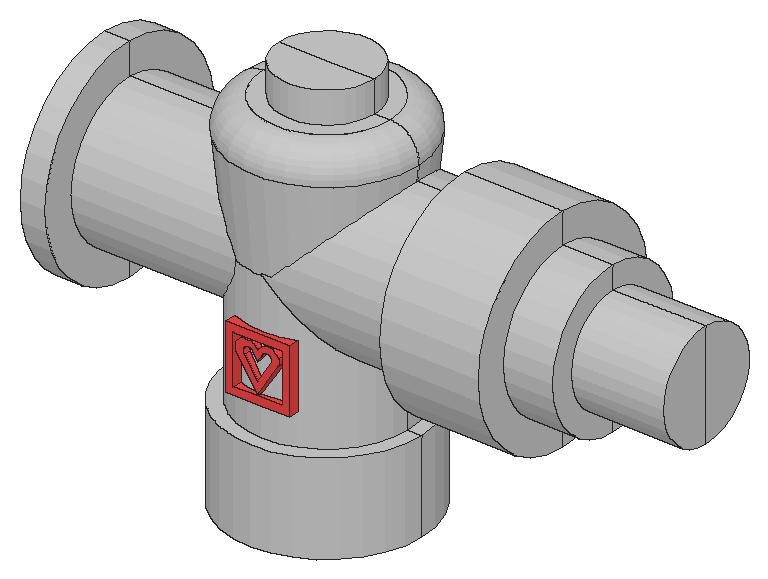
Revit family "HERZ-TS-98-VH-Thermostatventil Eck Spezial 7628", category Rohrzubehör, Revit 2018
Family settings
  Bemaßung runder Anschluss = Durchmesser verwenden
  Teiletyp = Unterbricht
  OmniClass-Nummer = 23.65.55.14
  OmniClass-Titel = Valves for Liquid Services
  Arbeitsebenenbasiert = Nein
  Immer vertikal = Ja
  Beim Laden mit Abzugskörper schneiden = Nein
  Gemeinsam genutzt = Nein
Parameters
  URL = "www.herz-armaturen.at"
  Schraubkappe = "Kunststoff, hellgrau"  # constant formula
  SCRNSEQ = "ARM;ARM_TYP=\"ALLF\";2"
  SCRNCODE = "05;00;02"  # constant formula
  S02 = L06 + L07 - L03  # 26.800 mm
  S01 = 10.000 mm  # constant formula
  R06 = 4.000 mm  # constant formula
  R05 = 13.500 mm  # constant formula
  R04 = 11.500 mm  # constant formula
  R03 = 9.000 mm  # constant formula
  R02 = 6.750 mm  # constant formula
  R01 = 7.000 mm  # constant formula
  Nennweite = 15.000 mm  # constant formula
  Medium = "Heizwasserqualität entsprechend ÖNORM H 5195 bzw. VDI-Richtlinie 2035"
  Max.Betriebstemperatur = 120 °C  # constant formula
  Max.Betriebsdruck = 1000000.0 Pa  # constant formula
  LO1 = 16.000 mm  # constant formula
  L11 = L01 - L05  # 28.000 mm
  L10 = 7.500 mm  # constant formula
  L09 = 19.500 mm  # constant formula
  L08 = 13.200 mm  # constant formula
  L07 = 20.300 mm  # constant formula
  L06 = 14.000 mm  # constant formula
  L05 = 3.500 mm  # constant formula
  L04 = 28.000 mm  # constant formula
  L03 = 7.500 mm  # constant formula
  L02 = 27.000 mm  # constant formula
  L01 = 31.500 mm  # constant formula
  Hersteller = "HERZ Armaturen Ges.m.b.H."  # constant formula
  H04 = 12.900 mm  # constant formula
  H03 = 4.400 mm  # constant formula
  H02 = 22.350 mm  # constant formula
  H01 = 33.500 mm  # constant formula
  Gehäuse = "vernickeltes Messing"  # constant formula
  GT = 9.500 mm  # constant formula
  G2 = Nennweite / 2  # 7.500 mm
  G1 = Nennweite / 2  # 7.500 mm
  D08 = 5.300 mm  # constant formula
  D07 = 17.100 mm  # constant formula
  D06 = 10.650 mm  # constant formula
  D05 = 15.000 mm  # constant formula
  D04 = 9.525 mm  # constant formula
  D03 = 11.500 mm  # constant formula
  D02 = 10.500 mm  # constant formula
  D01 = 15.000 mm  # constant formula
  Bestellnummer = 1762826  # constant formula
  Ausführungen = "Alle Modelle werden in vernickelter Ausführung mit hellgrauer Schraubkappe geliefert. Universalmodelle mit Spezialmuffe für Gewinderohr und Klemmsetanschluß"
  Anwendungsgebiet = "Wasserheizungsanlagen, bei denen der hydraulische Abgleich über Rücklaufventile nicht möglich oder nicht erwünscht ist."
  Anschlussgewinde für TH-Kopf = "M30x1.5"  # constant formula
Reference planes
  plane 1 "Mitte (Vorne/hinten)": y = 0
  plane 2: z = 0
  plane 3 "Mitte (Links/rechts)": x = 0
Forms (mm)
  Revolve 1, solid, material "Messing, weicher Gelbton, geschweißt", detail levels fine
    sketch origin (0, 0, 0) x (1, 0, 0) y (0, 0, 1)
      loop
        line (27, 0) -> (27, 9.525) -> (19.5, 9.525) -> (19.5, 11.5) -> (0, 11.5) -> (0, 10.5) -> (-28, 10.5) -> (-28, 15) -> (-31.5, 15) -> (-31.5, 0) -> (27, 0)
      axis (-31.5, 0) -> (27, 0)
    angle from 0 to 360
  Revolve 2, solid, material "Messing, weicher Gelbton, geschweißt", detail levels fine
    sketch origin (0, 0, 0) x (1, 0, 0) y (0, 0, 1)
      loop
        line (27, 0) -> (53.8, 0) -> (53.8, 7.5) -> (40.6, 7.5) -> (40.6, 10.65) -> (33.5, 10.65) -> (33.5, 15) -> (19.5, 15) -> (19.5, 9.525) -> (27, 9.525) -> (27, 0)
      axis (19.5, 0) -> (53.8, 0)
    angle from 0 to 360
  Revolve 3, solid, material "Messing, weicher Gelbton, geschweißt", detail levels fine
    sketch origin (0, 0, 0) x (1, 0, 0) y (0, 0, 1)
      loop
        line (0, 22.35) -> (0, -24) -> (7.5, -24) -> (7.5, -33.5) -> (13.5, -33.5) -> (13.5, -20.6) -> (11.5, -20.6) -> (11.5, 0) -> (12.969, 13.456)
        arc (12.969, 13.456) -> (11.998, 16.598) -> (9, 17.95) r 4
        line (9, 17.95) -> (6.75, 17.95) -> (6.75, 22.35) -> (0, 22.35)
      axis (0, 22.35) -> (0, -33.5)
    angle from 0 to 360
Lines and regions (mm)
  model lines, detail levels coarse+medium
    curve 1: line (0, 0, 0) -> (-13.5, 0, -33.5)
    curve 2: line (-13.5, 0, -33.5) -> (13.5, 0, -33.5)
    curve 3: line (13.5, 0, -33.5) -> (0, 0, 0)
    curve 4: line (0, 0, 0) -> (27, 0, 15)
    curve 5: line (27, 0, 15) -> (27, 0, -15)
    curve 6: line (27, 0, -15) -> (0, 0, 0)
    curve 7: line (0, 0, 0) -> (-31.5, 0, 0)
    curve 8: line (27, 0, 15) -> (37, 0, 15)
    curve 9: line (37, 0, 15) -> (27, 0, 0)
    curve 10: line (27, 0, -15) -> (37, 0, -15)
    curve 11: line (37, 0, -15) -> (27, 0, 0)
    curve 12: line (27, 0, 0) -> (53.8, 0, 0)
    curve 13: line (0, 0, 0) -> (-13.5, -33.5, 0)
    curve 14: line (-13.5, -33.5, 0) -> (13.5, -33.5, 0)
    curve 15: line (13.5, -33.5, 0) -> (0, 0, 0)
    curve 16: line (0, 0, 0) -> (27, 15, 0)
    curve 17: line (27, 15, 0) -> (27, -15, 0)
    curve 18: line (27, -15, 0) -> (0, 0, 0)
    curve 19: line (27, 15, 0) -> (37, 15, 0)
    curve 20: line (37, 15, 0) -> (27, 0, 0)
    curve 21: line (27, -15, 0) -> (37, -15, 0)
    curve 22: line (37, -15, 0) -> (27, 0, 0)
Dimensions and locks
  "D01": Revolve 1 sketch curve to Revolve 1 sketch curve
  "L05": Revolve 1 sketch curve to Revolve 1 sketch curve
  "D02": Revolve 1 sketch curve to Revolve 1 sketch curve
  "L01": plane 3 "Mitte (Links/rechts)" to Revolve 1 sketch curve
  "L02": plane 3 "Mitte (Links/rechts)" to Revolve 1 sketch curve
  "D03": Revolve 1 sketch curve to Revolve 1 sketch curve
  "D04": Revolve 1 sketch curve to Revolve 1 sketch curve
  "L04": Revolve 1 sketch curve to Revolve 1 sketch curve
  "L03": Revolve 1 sketch curve to Revolve 1 sketch curve
  "L06": Revolve 2 sketch curve to Revolve 2 sketch curve
  "L03": Revolve 2 sketch curve to Revolve 1
  "L02": Revolve 2 sketch curve to plane 3 "Mitte (Links/rechts)"
  "L07": Revolve 2 sketch curve to Revolve 2 sketch curve
  "L08": Revolve 2 sketch curve to Revolve 2 sketch curve
  "D04": Revolve 2 sketch curve to Revolve 2 sketch curve
  "D05": Revolve 2 sketch curve to Revolve 2 sketch curve
  "G2": Revolve 2 sketch curve to Revolve 2 sketch curve
  "D06": Revolve 2 sketch curve to Revolve 2 sketch curve
  "H01": plane 2 to Revolve 3 sketch curve
  "H02": Revolve 3 sketch curve to plane 2
  "R02": Revolve 3 sketch curve to Revolve 3 sketch curve
  "H03": Revolve 3 sketch curve to Revolve 3 sketch curve
  "H04": Revolve 3 sketch curve to Revolve 3 sketch curve
  "R05": Revolve 3 sketch curve to Revolve 3 sketch curve
  "R04": Revolve 3 sketch curve to Revolve 3 sketch curve
  "R03": Revolve 3 sketch curve to plane 3 "Mitte (Links/rechts)"
  "GT": Revolve 3 sketch curve to Revolve 3 sketch curve
  "G1": Revolve 3 sketch curve to Revolve 3 sketch curve
  "H01": plane 2 to curve 2
  "R05": curve 3 to plane 3 "Mitte (Links/rechts)" to curve 2
  "L02": curve 5 to plane 3 "Mitte (Links/rechts)"
  "D05": curve 8 to plane 2 to curve 10
  "S01": curve 5 to curve 9
  "S02": curve 12 to curve 12
  "L01": curve 7 to curve 7
  "H01": curve 14 to plane 1 "Mitte (Vorne/hinten)"
  "R05": curve 14 to plane 3 "Mitte (Links/rechts)" to curve 15
  "L02": plane 3 "Mitte (Links/rechts)" to curve 17
  "S01": curve 17 to curve 20
  "S01": curve 5 to curve 11
  "S01": curve 17 to curve 22
  "D05": curve 21 to plane 1 "Mitte (Vorne/hinten)" to curve 19
  "R04": nested 1 to plane 1 "Mitte (Vorne/hinten)"
  "LO1": plane 2 to nested 1
  "R06": radius of Revolve 3 sketch curve
  aligned and locked: level to plane 2
Automatic sketch dimensions
  curve 7 to level = 0.000 mm
  curve 1 to plane 3 "Mitte (Links/rechts)" = 0.000 mm
  curve 11 to level = 0.000 mm
  plane 1 "Mitte (Vorne/hinten)" to curve 13 = 0.000 mm
  curve 13 to plane 3 "Mitte (Links/rechts)" = 0.000 mm
  plane 1 "Mitte (Vorne/hinten)" to curve 20 = 0.000 mm
  Revolve 1 sketch curve to level = 0.000 mm  (x2)
  Revolve 1 sketch curve to Revolve 1 sketch curve = 1475.030 mm
  Revolve 1 sketch curve to Revolve 1 sketch curve = 1812.148 mm
  Revolve 2 sketch curve to level = 0.000 mm  (x2)
  Revolve 2 sketch curve to plane 3 "Mitte (Links/rechts)" = 1506.530 mm
  Revolve 2 sketch curve to Revolve 2 sketch curve = 1785.348 mm
  Revolve 3 sketch curve to plane 3 "Mitte (Links/rechts)" = 0.000 mm  (x2)
  Revolve 3 sketch curve to level = 0.000 mm
  Revolve 3 sketch curve to Revolve 3 sketch curve = 3.969 mm
  Revolve 3 sketch curve to Revolve 3 sketch curve = 332.545 mm
  Revolve 3 sketch curve to Revolve 3 sketch curve = 2191.965 mm
Nested families
  nested 1: "Herz-Logo-vorne" at (0, -11.5, -11.5) x (0, 1, 0) z (0, 0, 1), type "Herz-Logo-vorne"
Connectors
  piping at (53.8, 0, 0), diameter 15, driven by "Nennweite"
    settings: on Revolve 2, index 1, connector inside diameter 609.6 mm, connector length 0.000 mm, flow factor 0, pipe flow 0.0 L/s, pressure drop 0.0 Pa, fitting loss kfactor 0, connector angle 0.00°, fixture units 0, engagement length 0.000 mm, angle of deflection 0.00°, flow configuration 0, flow direction 2, fitting loss method 0, system type 7, joint type 0, gender type 0, connector reference index -1, connector utility 0, adjustable connector no, is connector primary yes, connector description ""
  piping at (0, 0, -24), diameter 15, driven by "Nennweite"
    settings: on Revolve 3, index 5, connector inside diameter 609.6 mm, connector length 0.000 mm, flow factor 0, pipe flow 0.0 L/s, pressure drop 0.0 Pa, fitting loss kfactor 0, connector angle 0.00°, fixture units 0, engagement length 0.000 mm, angle of deflection 0.00°, flow configuration 0, flow direction 1, fitting loss method 0, system type 7, joint type 0, gender type 0, connector reference index -1, connector utility 0, adjustable connector no, is connector primary no, connector description ""
Definition of nested family "Herz-Logo-vorne"
  Reference planes
    plane 1 "Mitte (Vorne/hinten)": y = 0
    plane 2: z = 0
    plane 3 "Mitte (Links/rechts)": x = 0
  Forms (mm)
    Extrusion 1, solid
      sketch origin (0.732, -0.018, 0.017) x (0, -1, 0) y (0, 0, 1)
        loop
          line (-0.018, -4.517) -> (4.482, -4.517) -> (4.482, 4.483) -> (-4.518, 4.483) -> (-4.518, -4.517) -> (-0.018, -4.517)
        loop
          line (-0.05, -3.48) -> (3.482, -3.48) -> (3.482, 3.483) -> (-3.518, 3.483) -> (-3.518, -3.48) -> (-0.05, -3.48)
        loop
          arc (-0.018, 2.383) -> (-1.543, 3.287) -> (-3.067, 2.383) r 1.738
          arc (-3.067, 2.383) -> (-3.191, 1.899) -> (-3.067, 1.415) r 1.009
          line (-3.067, 1.415) -> (-0.018, -3.281) -> (3.032, 1.415)
          arc (3.032, 1.415) -> (3.156, 1.899) -> (3.032, 2.383) r 1.009
          arc (3.032, 2.383) -> (1.507, 3.287) -> (-0.018, 2.383) r 1.738
        loop
          arc (1.885, 1.272) -> (2.005, 1.675) -> (1.885, 2.079) r 0.74
          arc (1.885, 2.079) -> (1.265, 2.416) -> (0.644, 2.079) r 0.74
          line (0.644, 2.079) -> (-0.018, 0.97) -> (-0.679, 2.079)
          arc (-0.679, 2.079) -> (-1.3, 2.416) -> (-1.921, 2.079) r 0.74
          arc (-1.921, 2.079) -> (-2.04, 1.675) -> (-1.921, 1.272) r 0.74
          line (-1.921, 1.272) -> (-0.018, -1.658) -> (1.885, 1.272)
      from 0 to 1.5
  Dimensions and locks
    aligned and locked: level to plane 2
